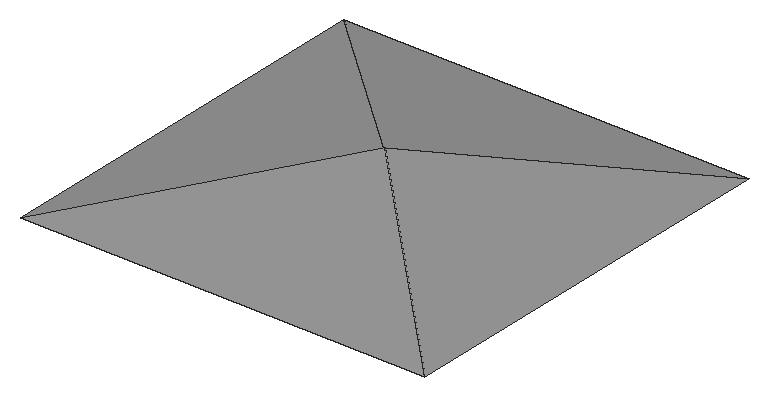
Revit family "ВЕЗА_ЗОНТ-СТАМ", category Обобщенные модели, Revit 2018
Family settings
  Может служить основой для арматурных стержней = Нет
  Размер круглого соединителя = Использовать диаметр
  Тип детали = Нормальный
  На основе рабочей плоскости = Нет
  Всегда вертикально = Да
  При загрузке вырезать с полостями = Нет
  Общий = Да
  Точка расчета площади = Нет
Parameters (values of type "ЗОНТ-СТАМ-136-Н")
  Угол поворота УГО [instance] = 0.00°
  Типоразмер СТАМ = ВЕЗА_Типоразмер  # 136
  Таблица_обозначение = "ЗОНТ-СТАМ_обозначение"  # constant formula
  Таблица_наименование = "ЗОНТ-СТАМ"  # constant formula
  Крыша = ВЕЗА_Сталь
  Масштаб УГО [instance] = 100
  Корпус = ВЕЗА_Сетка
  Manufacturer = ""
  ВЕЗА_Типоразмер = 136
  ВЕЗА_Контакты = ""
  ВЕЗА_Классификатор = "47023"  # constant formula
  b [instance] = a  # 1370 mm
  a [instance] = size_lookup(Таблица_наименование, "a", 0 mm, ВЕЗА_Типоразмер)  # 1370 mm
  URL = "http://www.veza.ru/docs/ventilyatory-kryshnye-krov-kros/"
  ADSK_Расход воздуха [instance] = 140.0 L/s
  ADSK_Размер_Ширина [instance] = ADSK_Размер_Глубина  # 2180 mm
  ADSK_Размер_Глубина [instance] = size_lookup(Таблица_наименование, "ADSK_Размер_Ширина", 0 mm, ВЕЗА_Типоразмер)  # 2180 mm
  ADSK_Размер_Высота [instance] = 490 mm  # constant formula
  ADSK_Наименование краткое = "ЗОНТ-СТАМ"  # constant formula
  ADSK_Наименование = size_lookup(Таблица_наименование, "ADSK_Наименование", "Неопределенно", ВЕЗА_Типоразмер, ADSK_Материал наименование)  # "Защита ЗОНТ-СТАМ для стакана монтажного СТАМ типоразмера 136"
  ADSK_Материал наименование = "Нержавеющая сталь"
  ADSK_Масса [instance] = size_lookup(Таблица_наименование, "ADSK_Масса", 0, ВЕЗА_Типоразмер)  # 70
  ADSK_Марка [instance] = size_lookup(Таблица_обозначение, "", "Неопределенно", ВЕЗА_Типоразмер, ADSK_Материал наименование)  # "ЗОНТ-СТАМ-136-Н"
  ADSK_Комплект [instance] = ""
  ADSK_Количество = 1
  ADSK_Код изделия = ""
  ADSK_Завод-изготовитель = "ООО ''ВЕЗА''"  # constant formula
  ADSK_Единица измерения = "шт."  # constant formula
  ADSK_Дата изменения = "28.08.2020"  # constant formula
  ADSK_Группирование [instance] = ""
  ADSK_Версия семейства = "2.0"  # constant formula
  ADSK_Версия Revit = "Revit2018"  # constant formula
Reference planes
  plane 1 "По центру (Вперед/Назад)": y = 0
  plane 2: z = 0
  plane 3 "По центру (Влево/Вправо)": x = 0
  plane 4: x = -685
  plane 5: x = -1090
  plane 6: y = 685
  plane 7: y = 1090
  plane 8: y = -685
  plane 9: y = -1090
  plane 10: x = 685
  plane 11: x = 1090
  plane 12: z = 490
  plane 13: z = 245
  plane 14: x = -705
  plane 15: y = -705
  plane 16: x = 705
  plane 17: y = 705
  plane 18: x = -0.5
  plane 19: y = 0.5
  plane 20: x = 0.5
  plane 21: y = -0.5
Forms (mm)
  Extrusion 1, solid, material "ВЕЗА_Сетка" <- "Корпус", detail levels medium+fine
    sketch origin (0, 0, 0) x (1, 0, 0) y (0, 1, 0)
      loop
        line (-685, 685) -> (-685, -685) -> (685, -685) -> (685, 685) -> (-685, 685)
      loop
        line (-705, 705) -> (-705, -705) -> (705, -705) -> (705, 705) -> (-705, 705)
    from 0 to 245
  Blend 2, solid, material "ВЕЗА_Сталь" <- "Крыша", detail levels medium+fine
    base sketch origin (0, 0, 0) x (1, 0, 0) y (0, 1, 0)
      loop
        line (-1090, 1090) -> (-1090, -1090) -> (1090, -1090) -> (1090, 1090) -> (-1090, 1090)
    top sketch origin (0, 0, 0) x (1, 0, 0) y (0, 1, 0)
      loop
        line (-0.5, 0.5) -> (-0.5, -0.5) -> (0.5, -0.5) -> (0.5, 0.5) -> (-0.5, 0.5)
    from 245 to 490
Lines and regions (mm)
  reference lines
    curve 1: line (0, 0, 0) -> (1164.962, 0, 0)
Dimensions and locks
  equal spacing: plane 4, plane 3 "По центру (Влево/Вправо)", plane 10
  "a": plane 4 to plane 10
  equal spacing: plane 5, plane 3 "По центру (Влево/Вправо)", plane 11
  "ADSK_Размер_Ширина": plane 5 to plane 11
  equal spacing: plane 8, plane 1 "По центру (Вперед/Назад)", plane 6
  "b": plane 8 to plane 6
  equal spacing: plane 9, plane 1 "По центру (Вперед/Назад)", plane 7
  "ADSK_Размер_Ширина": plane 9 to plane 7
  "ADSK_Размер_Высота": plane 12 to level
  equal spacing: plane 12, plane 13, level
  locked: plane 15 to plane 8 at 20
  locked: plane 17 to plane 6 at 20
  locked: plane 14 to plane 4 at 20
  locked: plane 10 to plane 16 at 20
  equal spacing: plane 18, plane 3 "По центру (Влево/Вправо)", plane 20
  plane 18 to plane 20 = 1 mm
  equal spacing: plane 19, plane 1 "По центру (Вперед/Назад)", plane 21
  plane 19 to plane 21 = 1 mm
  "Угол поворота УГО": angle plane 1 "По центру (Вперед/Назад)" to curve 1
  aligned and locked: level to plane 2
  aligned and locked: Extrusion 1 sketch curve to plane 6
  aligned and locked: Extrusion 1 sketch curve to plane 4
  aligned and locked: Extrusion 1 sketch curve to plane 8
  aligned and locked: Extrusion 1 sketch curve to plane 10
  aligned and locked: Extrusion 1 sketch curve to plane 17
  aligned and locked: Extrusion 1 sketch curve to plane 14
  aligned and locked: Extrusion 1 sketch curve to plane 15
  aligned and locked: Extrusion 1 sketch curve to plane 16
  aligned and locked: Extrusion 1 to level
  aligned and locked: plane 13 to Extrusion 1
  aligned and locked: Blend 2 sketch curve to plane 7
  aligned and locked: Blend 2 sketch curve to plane 5
  aligned and locked: Blend 2 sketch curve to plane 9
  aligned and locked: Blend 2 sketch curve to plane 11
  aligned and locked: Blend 2 sketch curve to plane 19
  aligned and locked: plane 18 to Blend 2 sketch curve
  aligned and locked: Blend 2 sketch curve to plane 21
  aligned and locked: plane 20 to Blend 2 sketch curve
  aligned and locked: plane 12 to Blend 2
  aligned and locked: Blend 2 to plane 13
  aligned and locked: plane 3 "По центру (Влево/Вправо)" to nested 1  (x2)
  aligned and locked: plane 1 "По центру (Вперед/Назад)" to nested 1
  aligned and locked: plane 1 "По центру (Вперед/Назад)" to curve 1
  aligned and locked: plane 3 "По центру (Влево/Вправо)" to curve 1
  aligned and locked: nested 2 to curve 1
Nested families
  nested 1: "ВЕЗА_УГО_Зонт_2D" at (0, 0, 0), Высота модели <- "ADSK_Размер_Высота", Длина модели <- "ADSK_Размер_Ширина", Ширина модели <- "ADSK_Размер_Глубина", Масштаб УГО <- "Масштаб УГО", D <- "ADSK_Размер_Ширина", type "ВЕЗА_УГО_Зонт_2D", detail levels coarse
    with Ширина_ном 2180 mm, Ширина модели 2180 mm, Прямоугольный зонт no, Масштаб УГО 100, Круглый зонт yes, Длина_ном 2180 mm, Длина модели 2180 mm, Высота_ном 490 mm, Высота модели 490 mm, D_1 2616 mm, D 2180 mm
  nested 2: "ВЕЗА_УГО_Зонт_3D" at (0, 0, 0), Высота модели <- "ADSK_Размер_Высота", Ширина модели <- "ADSK_Размер_Ширина", Масштаб УГО <- "Масштаб УГО", type "ВЕЗА_УГО_Зонт_3D", detail levels coarse
    with Ширина_ном 2180 mm, Ширина модели 2180 mm, Масштаб УГО 100, Высота_ном 490 mm, Высота модели 490 mm
Connectors
  hvac at (0, 0, 0), driven by "a", driven by "b", driven by "ADSK_Расход воздуха"
    settings: on Extrusion 1, index 1, duct flow 140.0 L/s, flow factor 0, pres drop 0.0 Pa, loss coef 0, conn angle 0.00°, conn width 1370 mm, conn height 1370 mm, conn diameter 609.6 mm, duct sys type 29, conn prof type 1, flow config 0, flow direction 0, loss method 0, conn ref index -1, conn util no, is conn primary yes, conn desc ""
Definition of nested family "ВЕЗА_УГО_Зонт_3D"
  Parameters (values of type "ВЕЗА_УГО_Зонт_3D")
    Ширина модели [instance] = 60 mm
    Default Elevation = 1219.2 mm
    Масштаб УГО [instance] = 100
    Высота модели [instance] = 40 mm
    Ширина_ном [instance] = Ширина модели * Масштаб УГО / 100  # 60 mm
    Высота_ном [instance] = Высота модели * Масштаб УГО / 100  # 40 mm
  Reference planes
    plane 1 "По центру (Вперед/Назад)": y = 0
    plane 2: z = 0
    plane 3 "По центру (Влево/Вправо)": x = 0
    plane 4: x = -30
    plane 5: x = 30
    plane 6: z = 20
    plane 7: z = 40
    plane 8: y = 30
    plane 9: y = -30
    plane 10: x = -0.5
    plane 11: x = 0.5
    plane 12: z = 55
    plane 13: y = 0.5
    plane 14: y = -0.5
  Forms (mm)
    Extrusion 1, solid
      sketch origin (0, 0, 0) x (1, 0, 0) y (0, 0, 1)
        loop
          line (-0.5, 40) -> (-0.5, 0) -> (0.5, 0) -> (0.5, 40) -> (-0.5, 40)
      from -0.5 to 0.5
    Sweep 2, solid
      path origin (0, 0, 0) x (1, 0, 0) y (0, 0, 1)
        loop
          line (30, 20) -> (0, 40) -> (-30, 20)
      profile origin (-15, 0, 30) x (0.5547, 0, -0.83205) y (0, -1, 0)
        loop
          line (0, 0.5) -> (0, -0.5) -> (1, -0.5) -> (1, 0.5) -> (0, 0.5)
  Dimensions and locks
    equal spacing: plane 5, plane 3 "По центру (Влево/Вправо)", plane 4
    "Ширина_ном": plane 5 to plane 4
    equal spacing: plane 8, plane 1 "По центру (Вперед/Назад)", plane 9
    "Ширина_ном": plane 8 to plane 9
    equal spacing: plane 7, plane 6, plane 2
    plane 11 to plane 3 "По центру (Влево/Вправо)" to plane 10 = 0.5 mm, 0.5 mm
    plane 13 to plane 14 = 1 mm
    "Высота_ном": plane 7 to plane 2
    aligned and locked: level to plane 2
    aligned and locked: plane 10 to Extrusion 1 sketch curve
    aligned and locked: plane 11 to Extrusion 1 sketch curve
    aligned and locked: Extrusion 1 sketch curve to plane 7
    aligned and locked: plane 2 to Extrusion 1 sketch curve
    aligned and locked: plane 4 to Sweep 2 sketch curve
    aligned and locked: plane 6 to Sweep 2 sketch curve  (x2)
    aligned and locked: plane 7 to Sweep 2 sketch curve
    aligned and locked: plane 5 to Sweep 2 sketch curve
  Automatic sketch dimensions
    Sweep 2 sketch curve to plane 13 = 0 mm
    Sweep 2 sketch curve to profile plane = 0 mm
    Sweep 2 sketch curve to plane 14 = 0 mm
    Sweep 2 sketch curve to plane 3 "По центру (Влево/Вправо)" = 0 mm
    Sweep 2 sketch curve to profile plane = 1 mm
Definition of nested family "ВЕЗА_УГО_Зонт_2D"
  Parameters (values of type "ВЕЗА_УГО_Зонт_2D")
    Ширина модели [instance] = 40 mm
    Масштаб УГО [instance] = 100
    Длина модели [instance] = 50 mm
    Высота модели [instance] = 56 mm
    D_1 [instance] = D * 1.2 * Масштаб УГО / 100  # 60 mm
    Круглый зонт [instance] = not(Прямоугольный зонт)  # no
    Прямоугольный зонт [instance] = yes
    Ширина_ном [instance] = Ширина модели * Масштаб УГО / 100  # 40 mm
    Длина_ном [instance] = Длина модели * Масштаб УГО / 100  # 50 mm
    Высота_ном [instance] = Высота модели * Масштаб УГО / 100  # 56 mm
    D [instance] = 50 mm
  Reference planes
    plane 1 "По центру (Вперед/Назад)": y = 0
    plane 2: z = 0
    plane 3 "По центру (Влево/Вправо)": x = 0
    plane 4: z = 56
    plane 5: x = -25
    plane 6: x = 25
    plane 7: z = 28
    plane 8: z = 56
    plane 9: y = 20
    plane 10: y = -20
  Lines and regions (mm)
    symbolic lines, visible <- "Круглый зонт", detail levels coarse
      curve 1: circle (0, 0, 0) r 30 normal (0, 0, 1)
    symbolic lines
      curve 2: line (0, 0, 0) -> (0, 0, 56)
      curve 3: line (0, 0, 56) -> (0, 20, 28)
      curve 4: line (0, 0, 56) -> (0, -20, 28)
      curve 5: line (0, 0, 0) -> (0, 0, 56)
      curve 6: line (0, 0, 56) -> (-25, 0, 28)
      curve 7: line (0, 0, 56) -> (25, 0, 28)
    symbolic lines, visible <- "Прямоугольный зонт"
      curve 8: line (-25, 20, 0) -> (25, 20, 0)
      curve 9: line (-25, -20, 0) -> (-25, 20, 0)
      curve 10: line (25, -20, 0) -> (-25, -20, 0)
      curve 11: line (25, 20, 0) -> (25, -20, 0)
  Dimensions and locks
    "Высота_ном": plane 4 to plane 2
    equal spacing: plane 6, plane 3 "По центру (Влево/Вправо)", plane 5
    "Длина_ном": plane 6 to plane 5
    equal spacing: plane 9, plane 1 "По центру (Вперед/Назад)", plane 10
    "Ширина_ном": plane 9 to plane 10
    equal spacing: plane 8, plane 7, plane 2
    "D_1": diameter of curve 1
    aligned and locked: level to plane 2
    aligned and locked: plane 1 "По центру (Вперед/Назад)" to curve 1
    aligned and locked: plane 3 "По центру (Влево/Вправо)" to curve 1
  Automatic sketch dimensions
    curve 2 to level = 0 mm
    curve 3 to plane 7 = 0 mm
    curve 3 to plane 9 = 0 mm
    curve 4 to plane 7 = 0 mm
    curve 4 to plane 10 = 0 mm
    curve 4 to plane 1 "По центру (Вперед/Назад)" = 0 mm
    curve 4 to plane 4 = 0 mm
    curve 5 to level = 0 mm
    curve 6 to plane 5 = 0 mm
    curve 6 to plane 7 = 0 mm
    curve 7 to plane 6 = 0 mm
    curve 7 to plane 7 = 0 mm
    curve 6 to plane 3 "По центру (Влево/Вправо)" = 0 mm
    curve 7 to plane 4 = 0 mm
    curve 8 to plane 5 = 0 mm
    curve 8 to plane 6 = 0 mm
    plane 10 to curve 10 = 0 mm
    plane 9 to curve 8 = 0 mm
Types in the file's own list only (23): name | Типоразмер СТАМ | ВЕЗА_Типоразмер | ADSK_Наименование | ADSK_Материал наименование
  ЗОНТ-СТАМ-035-Н | 35 | 35 | "Защита ЗОНТ-СТАМ для стакана монтажного СТАМ типоразмера 35" | "Нержавеющая сталь"
  ЗОНТ-СТАМ-040-Н | 40 | 40 | "Защита ЗОНТ-СТАМ для стакана монтажного СТАМ типоразмера 40" | "Нержавеющая сталь"
  ЗОНТ-СТАМ-045-Н | 45 | 45 | "Защита ЗОНТ-СТАМ для стакана монтажного СТАМ типоразмера 45" | "Нержавеющая сталь"
  ЗОНТ-СТАМ-051-Н | 51 | 51 | "Защита ЗОНТ-СТАМ для стакана монтажного СТАМ типоразмера 51" | "Нержавеющая сталь"
  ЗОНТ-СТАМ-056-Н | 56 | 56 | "Защита ЗОНТ-СТАМ для стакана монтажного СТАМ типоразмера 51" | "Нержавеющая сталь"
  ЗОНТ-СТАМ-063-Н | 63 | 63 | "Защита ЗОНТ-СТАМ для стакана монтажного СТАМ типоразмера 63" | "Нержавеющая сталь"
  ЗОНТ-СТАМ-071-Н | 71 | 71 | "Защита ЗОНТ-СТАМ для стакана монтажного СТАМ типоразмера 71" | "Нержавеющая сталь"
  ЗОНТ-СТАМ-088-Н | 88 | 88 | "Защита ЗОНТ-СТАМ для стакана монтажного СТАМ типоразмера 88" | "Нержавеющая сталь"
  ЗОНТ-СТАМ-090-Н | 90 | 90 | "Защита ЗОНТ-СТАМ для стакана монтажного СТАМ типоразмера 90" | "Нержавеющая сталь"
  ЗОНТ-СТАМ-109-Н | 109 | 109 | "Защита ЗОНТ-СТАМ для стакана монтажного СТАМ типоразмера 109" | "Нержавеющая сталь"
  ЗОНТ-СТАМ-112-Н | 112 | 112 | "Защита ЗОНТ-СТАМ для стакана монтажного СТАМ типоразмера 112" | "Нержавеющая сталь"
  ЗОНТ-СТАМ-035-Ц | 35 | 35 | "Защита ЗОНТ-СТАМ для стакана монтажного СТАМ типоразмера 35" | "Оцинкованная сталь"
  ЗОНТ-СТАМ-040-Ц | 40 | 40 | "Защита ЗОНТ-СТАМ для стакана монтажного СТАМ типоразмера 40" | "Оцинкованная сталь"
  ЗОНТ-СТАМ-045-Ц | 45 | 45 | "Защита ЗОНТ-СТАМ для стакана монтажного СТАМ типоразмера 45" | "Оцинкованная сталь"
  ЗОНТ-СТАМ-051-Ц | 51 | 51 | "Защита ЗОНТ-СТАМ для стакана монтажного СТАМ типоразмера 51" | "Оцинкованная сталь"
  ЗОНТ-СТАМ-056-Ц | 56 | 56 | "Защита ЗОНТ-СТАМ для стакана монтажного СТАМ типоразмера 51" | "Оцинкованная сталь"
  ЗОНТ-СТАМ-063-Ц | 63 | 63 | "Защита ЗОНТ-СТАМ для стакана монтажного СТАМ типоразмера 63" | "Оцинкованная сталь"
  ЗОНТ-СТАМ-071-Ц | 71 | 71 | "Защита ЗОНТ-СТАМ для стакана монтажного СТАМ типоразмера 71" | "Оцинкованная сталь"
  ЗОНТ-СТАМ-088-Ц | 88 | 88 | "Защита ЗОНТ-СТАМ для стакана монтажного СТАМ типоразмера 88" | "Оцинкованная сталь"
  ЗОНТ-СТАМ-090-Ц | 90 | 90 | "Защита ЗОНТ-СТАМ для стакана монтажного СТАМ типоразмера 90" | "Оцинкованная сталь"
  ЗОНТ-СТАМ-109-Ц | 109 | 109 | "Защита ЗОНТ-СТАМ для стакана монтажного СТАМ типоразмера 109" | "Оцинкованная сталь"
  ЗОНТ-СТАМ-112-Ц | 112 | 112 | "Защита ЗОНТ-СТАМ для стакана монтажного СТАМ типоразмера 112" | "Оцинкованная сталь"
  ЗОНТ-СТАМ-136-Ц | 136 | 136 | "Защита ЗОНТ-СТАМ для стакана монтажного СТАМ типоразмера 136" | "Оцинкованная сталь"
